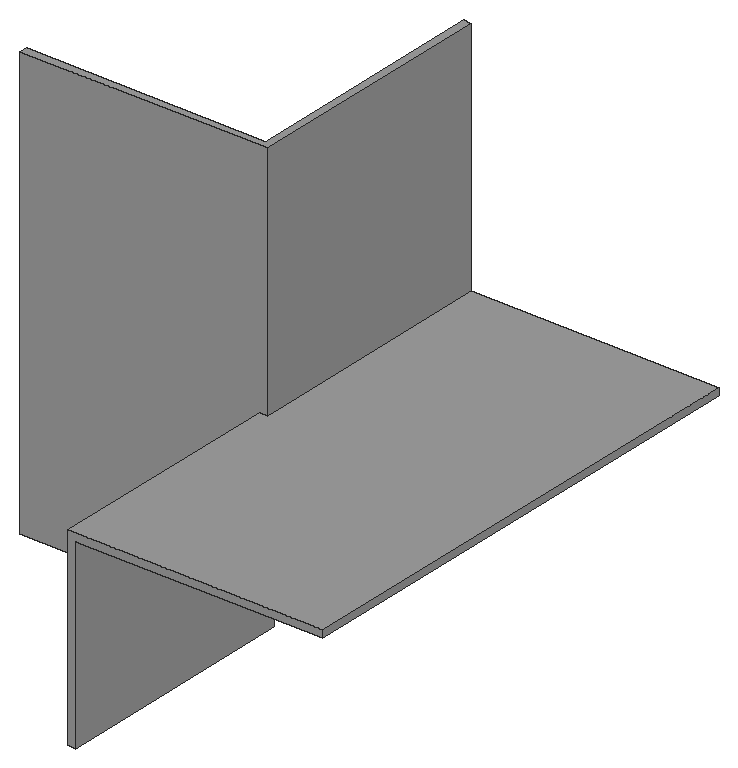
Revit family "b2e31a9c-f9d2-43ac-abc0-faa9d42a4aba", category Generic Models, Revit 2012
Parameters (values of type "As Specified")
  Upper Height = 0' - 4"
  Unit Width = 1' - 0"
  Unit Height = 0' - 2"
  Unit Depth = 0' - 4"
  URL = "http://www.hyload.com/"
  Thickness = 0' - 0 1/16"
  Specification = "http://www.arcat.com/sdspecs/htm04/07_65_00hyl.htm"
  Sales Information = "http://www.hyload.com/contact-us"
  Revision = "R1_12-2015"
  Product Properties = "http://www.hyload.com/masonry-flashing/preformed-shapes/"
  Product Data = "http://www.arcat.com/arcatcos/cos33/arc33176.html"
  Model = "Type WL1"
  Manufacturer Website = "http://www.hyload.com/"
  Manufacturer Phone - Toll Free = "800-457-4056"
  Manufacturer Phone = "330-769-3546"
  Manufacturer Fax = "330-769-4153"
  Manufacturer Address = "5020 Panther Pkwy., Seville, OH 44273"
  Manufacturer = "Hyload"
  Lower Height = 0' - 1 1/2"
  Keynote = "07 65 00"
  Flashing Material = Hyload Flashing Membrane - Grey
  Drawn By = "Robert S. Weygant / Sumex Design"
  Description = "Preformed Hyload Masonry Flashing - Type WL1"
  Copyright = "(c) ARCAT, Inc, 2015"
  Construction Details = "http://www.arcat.com/details/hyload/hyload.html?coid=33176"
  Assembly Code = "B3010400"
Reference planes (in)
  plane 1 "Center (Front/Back)": y = 0
  plane 2: z = 0
  plane 3 "Center (Left/Right)": x = 0
  plane 4 "Back": y = 2
  plane 5: x = 2
  plane 6 "WinPlane": z = -1.5
  plane 7: x = 22
  plane 8 "Front": y = -2
  plane 9: z = 2
  plane 10: x = -2
Forms (in)
  Extrusion 1, solid, material "Hyload Flashing Membrane - Grey" <- "Flashing Material"
    sketch origin (0, 0, 0) x (1, 0, 0) y (0, 0, 1)
      loop
        line (0, 0) -> (2, 0) -> (2, 0.0625) -> (-0.0625, 0.0625) -> (-0.0625, -1.5) -> (0, -1.5) -> (0, 0)
    from 0 to 2
  Extrusion 2, solid, material "Hyload Flashing Membrane - Grey" <- "Flashing Material"
    sketch origin (0, 2, 0) x (-1, 0, 0) y (0, 0, 1)
      loop
        line (0, 0.0625) -> (-2, 0.0625) -> (-2, 0) -> (0.0625, 0) -> (0.0625, 2) -> (0, 2) -> (0, 0.0625)
    from -2 to 0
  Extrusion 3, solid, material "Hyload Flashing Membrane - Grey" <- "Flashing Material"
    sketch origin (0, 0, 0) x (1, 0, 0) y (0, 0, 1)
      loop
        line (-2, 2) -> (-2, -1.5) -> (0, -1.5) -> (0, 2) -> (-2, 2)
    from 0 to 0.0625 <- "Thickness"
Cuts and joins
  joined: Extrusion 1, Extrusion 2, Extrusion 3
Dimensions and locks (in)
  "Unit Depth": plane 4 "Back" to plane 8 "Front"
  locked: plane 8 "Front" to plane 1 "Center (Front/Back)" at 2
  plane 10 to plane 3 "Center (Left/Right)" = 0' - 2"
  locked: plane 3 "Center (Left/Right)" to plane 5 at 2
  "Lower Height": level to plane 6 "WinPlane"
  "Unit Height": plane 9 to level
  "Thickness": plane 3 "Center (Left/Right)" to Extrusion 1 sketch curve
  "Thickness": Extrusion 1 sketch curve to level
  "Thickness": Extrusion 2 sketch curve to level
  "Thickness": plane 3 "Center (Left/Right)" to Extrusion 2 sketch curve
  aligned and locked: plane 2 to level
  aligned and locked: level to Extrusion 1 sketch curve
  aligned and locked: Extrusion 1 sketch curve to plane 3 "Center (Left/Right)"
  aligned and locked: Extrusion 1 sketch curve to plane 5
  aligned and locked: plane 6 "WinPlane" to Extrusion 1 sketch curve
  aligned and locked: Extrusion 1 to plane 8 "Front"
  aligned and locked: Extrusion 1 to plane 1 "Center (Front/Back)"
  aligned and locked: plane 1 "Center (Front/Back)" to Extrusion 2
  aligned and locked: plane 4 "Back" to Extrusion 2
  aligned and locked: Extrusion 2 sketch curve to plane 9
  aligned and locked: Extrusion 2 sketch curve to plane 5
  aligned and locked: level to Extrusion 2 sketch curve
  aligned and locked: plane 3 "Center (Left/Right)" to Extrusion 2 sketch curve
  aligned and locked: Extrusion 3 sketch curve to plane 9
  aligned and locked: plane 10 to Extrusion 3 sketch curve
  aligned and locked: Extrusion 3 sketch curve to Extrusion 1  (x2)
  aligned and locked: Extrusion 3 to plane 1 "Center (Front/Back)"
